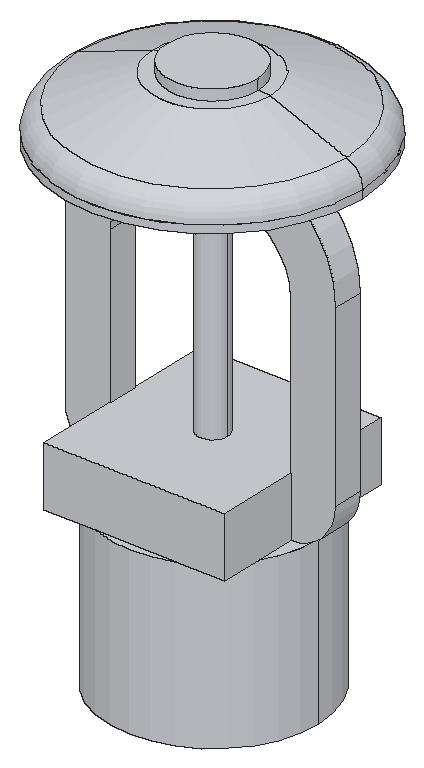
Revit family
Parameters (values of type "RASCO F1FR56 UPRIGHT")
  URL = ""
  Temperature Rating = 155 °F
  Response = 1
  RASCO SIN # = "RA1425"
  RASCO Part # = "F1FR56U1B"
  Pressure Rating = "175 PSI"
  Pressure Class = (empty or 0)
  Orifice Size = 1/2"
  Orifice = (empty or 0)
  Model = "F1FR56"
  Manufacturer = "RASCO"
  K-Factor = 5.6
  Description = "Brz. Finish"
  Coverage = (empty or 0)
Reference planes (in)
  plane 1 "Center (Front/Back)": y = 0
  plane 2: z = 0
  plane 3 "Center (Left/Right)": x = 0
Nested families (in)
  nested 1: "F1FR56U1B" at (0.04038, -0.16297, 0), type "RASCO F1FR56 UPRIGHT"
Connectors (in)
  piping at (0.04038, -0.16297, 0)
    settings: on nested 1, index 1, connector radius 115/256", flow factor 0, pipe flow 0 GPM, pressure drop 0.00 psi, fitting loss kfactor 0, connector angle 0.00°, fixture units 0, flow configuration 0, flow direction 0, fitting loss method 0, system type 7, connector reference index -1, connector utility 0, adjustable connector no, is connector primary yes, fitting loss table "", connector description ""
Definition of nested family "F1FR56U1B"
  Parameters (values of type "RASCO F1FR56 UPRIGHT")
    Type Comments = ""
    Temperature Rating = 0 °F
    Response = (empty or 0)
    Pressure Rating = "0"
    Pressure Class = (empty or 0)
    Orifice Size = 0"
    Orifice = (empty or 0)
    Model = ""
    Manufacturer = ""
    K-Factor = 0
    Description = ""
    Coverage = (empty or 0)
    Assembly Code = ""
  Reference planes (in)
    plane 1 "Center (Front/Back)": y = 0
    plane 2: z = 0
    plane 3 "ref.2": z = 0.6875
    plane 4 "ref.3": z = 0.9375
    plane 5: x = -0.38065
    plane 6: x = 0.36935
    plane 7 "ref. side 1": y = 0.06402
    plane 8 "ref. side 2": y = -0.06098
    plane 9 "ref.4": z = 1.875
    plane 10 "ref.5": z = 2.3125
    plane 11 "ref.6": z = 2.4375
  Forms (in)
    Extrusion 1, solid
      sketch origin (0, 0, 0) x (1, 0, 0) y (0, 1, 0)
        loop
          circle (0, 0) r 0.4375
      from 0 to 0.6875
    Extrusion 2, solid
      sketch origin (-0.12185, 0.05177, 0.6875) x (1, 0, 0) y (0, 1, 0)
        loop
          line (-0.2588, 0.356) -> (-0.2588, -0.4565) -> (0.4912, -0.4565) -> (0.4912, 0.356) -> (-0.2588, 0.356)
      from 0 to 0.25
    Extrusion 3, solid
      sketch origin (0, 0, 0) x (1, 0, 0) y (0, 0, 1)
        loop
          line (-0.38065, 0.68754) -> (-0.38065, 1.58397)
          arc (-0.38065, 1.58397) -> (-0.29541, 1.78976) -> (-0.08962, 1.875) r 0.29103
          line (-0.08962, 1.875) -> (0.07524, 1.875)
          arc (0.07524, 1.875) -> (0.28321, 1.78886) -> (0.36935, 1.58089) r 0.29411
          line (0.36935, 1.58089) -> (0.36935, 0.68751)
          arc (0.36935, 0.68751) -> (0.50207, 0.74393) -> (0.55685, 0.87734) r 0.18984
          line (0.55685, 0.87734) -> (0.55685, 1.61676)
          arc (0.55685, 1.61676) -> (0.42629, 1.93194) -> (0.11111, 2.0625) r 0.44574
          line (0.11111, 2.0625) -> (-0.12259, 2.0625)
          arc (-0.12259, 2.0625) -> (-0.43765, 1.932) -> (-0.56815, 1.61694) r 0.44556
          line (-0.56815, 1.61694) -> (-0.56815, 0.87876)
          arc (-0.56815, 0.87876) -> (-0.51345, 0.74486) -> (-0.38065, 0.68754) r 0.19126
      from -0.06402 to 0.06098
    Extrusion 4, solid
      sketch origin (0, 0, 0.9375) x (-1, 0, 0) y (0, -1, 0)
        loop
          circle (0.00574, -0.00152) r 0.0625
      from 0 to 0.9375
    Extrusion 5, solid
      sketch origin (0, 0, 1.875) x (-1, 0, 0) y (0, -1, 0)
        loop
          circle (0.00574, -0.00152) r 0.1875
      from 0 to 0.4375
    Revolve 6, solid
      sketch origin (0, 0, -0.31276) x (1, 0, 0) y (0, 0, 1)
        loop
          line (-0.19324, 2.33367) -> (-0.19324, 2.58367) -> (-0.24995, 2.58367) -> (-0.56395, 2.46314)
          arc (-0.56395, 2.46314) -> (-0.61243, 2.42492) -> (-0.63074, 2.36595) r 0.1041
          line (-0.63074, 2.36595) -> (-0.63074, 2.33367) -> (-0.19324, 2.33367)
        axis (-0.00574, 2.33367) -> (-0.00574, 2.58367)
      angle from 0 to 360
  Cuts and joins
    joined: Extrusion 1, Extrusion 2, Extrusion 4, Revolve 6
  Lines and regions (in)
    model lines
      curve 1: line (-0.00574, 0.06402, 1.875) -> (-0.00574, -0.06098, 1.875)
